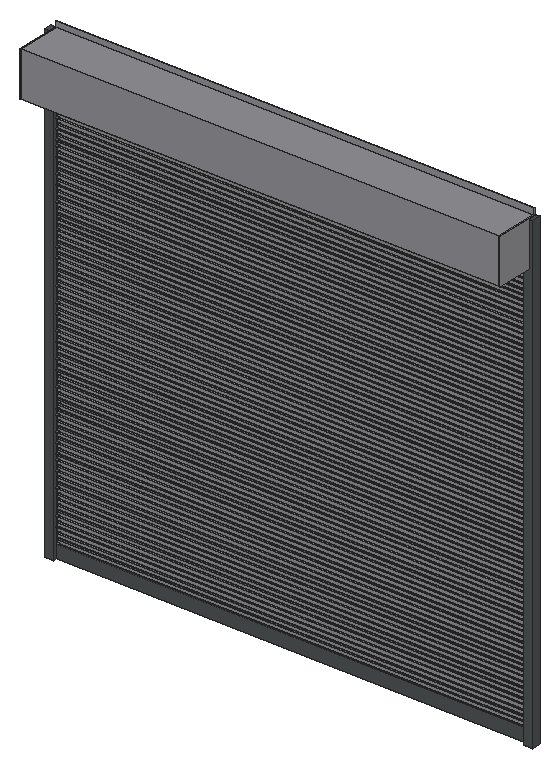
Revit family "Counter-Doors_OHD_Model-650_compact", category Specialty Equipment, host Wall, Revit 2023
Family settings
  Host = Wall
  Round Connector Dimension = Use Diameter
  Part Type = Normal
  OmniClass Number = 23.30.10.21.34
  OmniClass Title = Industrial Doors
  Enable Cutting in Views = No
  Always vertical = Yes
  Cut with Voids When Loaded = Yes
  Maintain Annotation Orientation = No
  Shared = No
  Room Calculation Point = No
Parameters (values of type "‏​Manual push-up")
  Warning Sign [instance] = if(Calculated Area > 683.00 SF, 1 = 1, 1 = 2)  # no
  Warning (Note) [instance] = if(Warning Sign, "The Door Area is out of the limit; please adjust accordingly. The maximum allowed area is 683 sq. ft.", if(Opening Height > 360", "Headroom Clearance Dimensions - out of the limits. Consult Factory", " "))  # " "
  Wall Thickness [instance] = 6"
  Voltage = 0 V
  Version = "1.00.01"  # constant formula
  True Opening Width [instance] = if(Between Jambs Mounting, Door Width True, Clear Width)  # 120"
  True Opening Height [instance] = if(Between Jambs Mounting, Clear Height + Headroom Height, Clear Height)  # 108"
  Steel \ Stainless Steel Guide [instance] = not(Aluminum Guide)  # no
  Slat Type [instance] = "F-158"  # constant formula
  Slat Length [instance] = Clear Width + Setback  # 120 7/8"
  Slat Height [instance] = 10 41/128"  # constant formula
  Slat Center Offset [instance] = if(and(Electric Operator, Motor Option Real = 2), 1 1/16", if(Aluminum Guide, 1 1/16", 1 5/8"))  # 1 1/16"
  Slat [instance] = 1  # constant formula
  Setback [instance] = if(Between Jambs Mounting, if(and(Electric Operator, Motor Option Real = 2), 7/8" - 1/4", if(Aluminum Guide, 7/8" - 1/4", 1" - 3/8")), if(and(Electric Operator, Motor Option Real = 2), 7/8", if(Aluminum Guide, 7/8", 1")))  # 7/8"
  Product Page URL = "https://www.overheaddoor.com/counter-doors-650"
  Power Factor = 1
  Powder Coat (Note) = "PowderGuard® Premium powder coat finish options are available in approximately 200 colors as well as custom matching to specification. PowderGuard® Textured finish, a thicker, more scratch resistant coat, is available in 11 colors providing enhanced scratch resistance as well as aiding in hiding the dirt and blemishes that often occur in commercial environments.​"  # constant formula
  Operator Visibility = no
  Operation (Note) [instance] = "Standard door operation is manual push-up. Door could also operate by crank, electrical operator or chain hoist. Manual push up and crank could be used up to 80 sf."  # constant formula
  Opening Width Real [instance] = if(Opening Width > Max Opening Width, Max Opening Width, if(Opening Width < Min Opening Width, Min Opening Width, Opening Width))  # 120"
  Opening Width [instance] = 120"
  Opening Height Real [instance] = if(Opening Height > Max Opening Height, Max Opening Height, if(Opening Height < Min Opening Height, Min Opening Height, Opening Height))  # 108"
  Opening Height [instance] = 108"
  One Array element [instance] = not(Array Vis)  # no
  Number of Poles = 1
  Motor Type [instance] = if(Motor Option < 2, "CDX Electric Operator", if(Motor Option = 2, "RTM Electric Operator", "RSX Electric Operator"))  # "CDX Electric Operator"
  Motor Selection (Note) [instance] = "Generic operator shown. Contact Overhead Door when dimensions are critical. "  # constant formula
  Motor Position [instance] = if(Between Jambs Mounting, if(and(Electric Operator, Motor Option Real > 2), 2 177/256", Headplate Offset), if(and(Electric Operator, Motor Option Real > 2), 2 177/256", Headplate Offset))  # 1 5/8"
  Motor Option Real [instance] = if(Electric Operator, if(Motor Option < 1, 1, if(Motor Option > 3, 3, Motor Option)), 1)  # 1
  Motor Option [instance] = 1
  Min Opening Width [instance] = 40"  # constant formula
  Min Opening Height [instance] = 40"  # constant formula
  Max Opening Width [instance] = 240"  # constant formula
  Max Opening Height [instance] = 108"  # constant formula
  Material Finish [instance] = 650 : Standard - Gray
  Lookup Table = "Hood Dimensions"  # constant formula
  Lookup BD [instance] = if(or(Opening Height Real < 60", Opening Height Real = 60"), 9 1/2", 11 1/2")  # 11 1/2"
  Jambs Offset 2 [instance] = if(Between Jambs Mounting, Guide Width 2, 0")  # 0"
  Jamb Offset 1 [instance] = if(Between Jambs Mounting, Guide Width 1, 0")  # 0"
  Installation Real [instance] = if(Between Jambs Mounting, Installation Limits, Wall Thickness)  # 6"
  Installation Offset [instance] = 0"
  Installation Limits [instance] = if(Installation Offset < 0", 0", if(Installation Offset > Wall Thickness - Guide Depth, Wall Thickness - Guide Depth, Installation Offset))  # 0"
  Hood Type [instance] = "Square Hood"  # constant formula
  Hood Option [instance] = 2  # constant formula
  Hood Offset [instance] = 2"  # constant formula
  Hood Material [instance] = Metal - Overhead Door - Gray
  Hood Height [instance] = Headroom Height Real - Hood Offset  # 11 1/2"
  Lookup HH [instance] = if(or(Opening Height Real < 60", Opening Height Real = 60"), 9 1/2", 11 1/2")  # 11 1/2"
  Headroom Height Real [instance] = Lookup HH + Hood Offset  # 13 1/2"
  Headroom Height [instance] = if(Between Jambs Mounting, Headroom Height Real, Headroom Height Real + 1 1/2")  # 15"
  Headplate Offset [instance] = if(Guide Option = 1, 1 5/8", if(Guide Option = 2, 2 3/4", if(Guide Option = 3, 1 15/16", if(Guide Option = 4, 1 5/16", if(Guide Option = 5, 1 5/16", if(Guide Option = 6, 2 3/8", if(Guide Option = 7, 1 15/16", 2 7/16")))))))  # 1 5/8"
  Guide Type [instance] = if(Guide Option < 2, "Face of Wall Extruded Aluminum", if(Guide Option = 2, "Face of Wall Extruded Aluminum - RTM Electric Operator", if(Guide Option = 3, "Face of Wall Rolled Steel", if(Guide Option = 4, "Between Jambs Extruded Aluminum - Push Up", if(Guide Option = 5, "Between Jambs Extruded Aluminum - Crank & Electric Operator", if(Guide Option = 6, "Between Jambs Extruded Aluminum - RTM Electric Operator", if(Guide Option = 7, "Between Jambs Rolled Steel - Push-up", "Between Jambs Rolled Steel - Crank & Electric Operator")))))))  # "Face of Wall Extruded Aluminum"
  Guide Option [instance] = if(Face Of Wall Mounting, if(Aluminum Guide, if(and(Electric Operator, Motor Option = 2), 2, 1), if(and(Electric Operator, Motor Option = 2), 2, 3)), if(Aluminum Guide, if(Manual, 4, if(and(Electric Operator, Motor Option = 2), 6, 5)), if(Manual, 7, if(and(Electric Operator, Motor Option = 2), 6, 8))))  # 1
  Guide Width 2 [instance] = if(Guide Option < 2, 2 3/4", if(Guide Option = 2, 2 3/4", if(Guide Option = 3, 2 7/8", if(Guide Option = 4, 2 3/8", if(Guide Option = 5, 2 3/8", if(Guide Option = 6, 2 3/8", if(Guide Option = 7, 1 15/16", 1 15/16")))))))  # 2 3/4"
  Guide Width 1 [instance] = if(Guide Option < 2, 2 3/4", if(Guide Option = 2, 3 5/8", if(Guide Option = 3, 2 7/8", if(Guide Option = 4, 2 3/8", if(Guide Option = 5, 4 3/4", if(Guide Option = 6, 3 3/8", if(Guide Option = 7, 1 15/16", 5 5/8")))))))  # 2 3/4"
  Guide Depth [instance] = if(and(Electric Operator, Motor Option Real = 2), 2 1/8", if(Aluminum Guide, 2 1/8", 2"))  # 2 1/8"
  Frequency = 0 Hz
  Floor To CL shaft [instance] = Clear Height + Hood Height / 2 + Hood Offset  # 115 3/4"
  Face of Wall Offset [instance] = if(Between Jambs Mounting, 0", 5")  # 5"
  Face Of Wall Mounting [instance] = not(Between Jambs Mounting)  # yes
  Electric Operator = no
  Door Width True [instance] = if(Between Jambs Mounting, Clear Width + Guide Width 1 + Guide Width 2, Clear Width)  # 120"
  Door Width (Real) [instance] = if(Between Jambs Mounting, Clear Width, if(and(Electric Operator, Motor Option Real = 2), Clear Width + 3/8" * 2, if(Aluminum Guide, Clear Width + 3/8" * 2, Clear Width + 1" / 2)))  # 120 3/4"
  Door Height True [instance] = Clear Width + Headroom Height  # 135"
  Door Height (Real) [instance] = Clear Height + Hood Offset  # 110"
  URL = "https://www.overheaddoor.com/"
  Product data url = "https://www.bimobject.com/overhead-door/product/counter-doors-650"
  Product Guid = "c282057e-3d6c-4adc-834a-b2f015cb47e4"
  Model = "650"  # constant formula
  Manufacturer = "Overhead Door Corporation"  # constant formula
  Wall Closure = By host
  Floor To (CL) of Shaft [instance] = Clear Height + Hood Height / 2 + Hood Offset + Default Elevation Height + Countertop Thickness Real  # 151 3/4"
  Finish Material = Finish - Overhead Door - Black
  Description = "Model 650 Rolling Counter Door"  # constant formula
  Default Elevation Height [instance] = 36"
  Default Elevation = 0"
  Date Updated = "2026/05/29"  # constant formula
  Crank = no
  Countertop Thickness Real [instance] = if(Countertop Thickness < 0", 0", if(Countertop Thickness > 12", 12", Countertop Thickness))  # 0"
  Countertop Thickness [instance] = 0"
  Clear Width [instance] = if(Between Jambs Mounting, Opening Width Real - Guide Width 2 - Guide Width 1, Opening Width Real)  # 120"
  Clear Height [instance] = if(Between Jambs Mounting, Opening Height Real - Headroom Height, Opening Height Real)  # 108"
  Manual = yes
  Current = 0 A
  Connector Array Distance = 0"  # constant formula
  Connector Array = if(Manual, 2, 3)  # 2
  BimObject_Variable_Connectors = "No"  # constant formula
  Between Jambs Mounting [instance] = no
  Bar [instance] = 1 = 1  # yes
  Backroom Depth [instance] = Lookup BD  # 11 1/2"
  BJ Opening Cut [instance] = if(Between Jambs Mounting, Headroom Height, 0")  # 0"
  Array Vis [instance] = if(Array < 2, 1 = 2, 1 = 1)  # yes
  Array Real [instance] = if(Array < 2, 2, Array)  # 11
  Array Length [instance] = (Array) * Slat Height  # 113 67/128"
  Array [instance] = rounddown(([Door Height (Real)] - 3 1/2") / Slat Height) + 1  # 11
  Calculated Area [instance] = [Door Width (Real)] * [Door Height (Real)]  # 92.2396 SF
  Apparent Load Phase 3 = if(Number of Poles = 1, 0 VA, (Voltage * Current * sqrt(3)) / 3)  # 0 VA
  Apparent Load Phase 2 = if(Number of Poles = 1, 0 VA, (Voltage * Current * sqrt(3)) / 3)  # 0 VA
  Apparent Load Phase 1 = if(Number of Poles = 1, Voltage * Current, (Voltage * Current * sqrt(3)) / 3)  # 0 VA
  Aluminum Guide [instance] = yes
Reference planes (in)
  plane 1 "Center (Front/Back)": y = -14.625
  plane 2 "Center (Left/Right)": x = 0
  plane 3 "Left": x = -60
  plane 4 "Right": x = 60
  plane 5 "Exterior": y = -8.625
  plane 6 "Interior": y = -14.625
  plane 7: z = 144
  plane 8 "Backroom Depth": y = -26.125
  plane 9 "Bottom Bar": z = 39.5
  plane 10: z = 153.02344
  plane 11: z = 157.5
  plane 12: z = 146
  plane 13: z = 159
  plane 14: z = 0
  plane 15: z = 90
  plane 16: y = -15.9375
  plane 17: y = 18.375
  plane 18: y = -41.625
  plane 19 "Headroom Top": z = 159
  plane 20: z = 151.75
  plane 21: z = 142.70312
  plane 22: z = 36
  plane 23: x = 62.75
  plane 24: x = -62.75
  plane 25: y = -15.6875
  plane 26: x = 61.625
  plane 27: z = 36
  plane 28: y = -15.9375
  plane 29: z = 39.5
  plane 30: y = -15.9375
  plane 31: z = 142.70312
  plane 32: y = -15.9375
  plane 33: z = 49.82031
  plane 34: y = -15.9375
  plane 35: z = 60.14062
  plane 36: y = -15.9375
  plane 37: z = 70.46094
  plane 38: y = -15.9375
  plane 39: z = 80.78125
  plane 40: y = -15.9375
  plane 41: z = 91.10156
  plane 42: y = -15.9375
  plane 43: z = 101.42187
  plane 44: y = -15.9375
  plane 45: z = 111.74219
  plane 46: y = -15.9375
  plane 47: z = 122.0625
  plane 48: y = -15.9375
  plane 49: z = 132.38281
Forms (in)
  Extrusion 1, void
    sketch origin (0, -20.625, 0) x (0, 0, -1) y (-1, 0, 0)
      loop
        line (-144, 60) -> (-144, -60) -> (-36, -60) -> (-36, 60) -> (-144, 60)
    from 6 to 12
Text (in)
  text "Exterior" at (-74.96733, 27.31104, 0), in view "Ref. Level"
  text "Interior" at (-74.96733, -25.14366, 0), in view "Ref. Level"
  text "Exterior" at (0, 40.15149, 123.01588), in view "Right"
  text "Interior" at (0, -64.39139, 123.01588), in view "Right"
  text "Interior" at (0, -31.01599, 123.00693), in view "Left"
  text "Exterior" at (0, 54.57065, 123.00693), in view "Left"
Dimensions and locks (in)
  equal spacing: plane 3 "Left", plane 2 "Center (Left/Right)", plane 4 "Right"
  "Clear Width": plane 3 "Left" to plane 4 "Right"
  level to host wall = 459.59655"
  "Array Length": plane 10 to plane 9 "Bottom Bar"
  "Backroom Depth": plane 8 "Backroom Depth" to plane 1 "Center (Front/Back)"
  "Hood Height": plane 11 to plane 12
  locked: plane 13 to plane 11 at 1.5
  "Installation Real": plane 1 "Center (Front/Back)" to plane 5 "Exterior"
  "Wall Thickness": host wall to host wall
  equal spacing: plane 17, host wall, plane 18
  locked: plane 17 to plane 18 at 60
  "BJ Opening Cut": Extrusion 1 sketch curve to plane 7
  "Hood Offset": plane 12 to plane 7
  "Headroom Height": plane 19 "Headroom Top" to plane 7
  "Floor To (CL) of Shaft": plane 20 to level
  "Jamb Offset 1": plane 4 "Right" to Extrusion 1 sketch curve
  "Jambs Offset 2": Extrusion 1 sketch curve to plane 3 "Left"
  "Slat Height": plane 10 to plane 21
  equal spacing: group 1, group 3, group 4, group 5, group 6, group 7, group 8, group 9, group 10, group 11, group 2  (x3)
  equal spacing: plane 7, plane 15, plane 22
  "Clear Height": plane 7 to plane 22
  locked: plane 9 "Bottom Bar" to plane 22 at 3.5
  "Guide Width 1": plane 4 "Right" to plane 23
  "Guide Width 2": plane 24 to plane 3 "Left"
  plane 24 to plane 23 = 125 1/2"
  "Slat Center Offset": plane 25 to plane 1 "Center (Front/Back)"
  locked: plane 16 to plane 25 at 0.25
  "Motor Position": plane 4 "Right" to plane 26
  "Default Elevation Height": plane 27 to plane 14
  "Countertop Thickness Real": plane 22 to plane 27
  aligned and locked: plane 5 "Exterior" to host wall
  aligned and locked: host wall to plane 6 "Interior"
  aligned and locked: Extrusion 1 to plane 5 "Exterior"
  aligned and locked: Extrusion 1 to plane 6 "Interior"
  aligned and locked: level to plane 14
  aligned and locked: plane 2 "Center (Left/Right)" to nested 1
  aligned and locked: nested 1 to plane 17
  aligned and locked: plane 18 to nested 2
  aligned and locked: nested 2 to plane 2 "Center (Left/Right)"
  aligned and locked: nested 3 to plane 15
  aligned and locked: plane 2 "Center (Left/Right)" to nested 3
  aligned and locked: plane 9 "Bottom Bar" to nested 5
  aligned and locked: nested 5 to plane 16
  aligned and locked: nested 3 to plane 16
  aligned and locked: plane 2 "Center (Left/Right)" to nested 15
  aligned and locked: plane 1 "Center (Front/Back)" to nested 15
  aligned and locked: plane 26 to nested 16
  aligned and locked: plane 11 to nested 16
  aligned and locked: nested 16 to plane 5 "Exterior"
  aligned and locked: Extrusion 1 sketch curve to plane 27
  aligned and locked: plane 9 "Bottom Bar" to plane 29
  aligned and locked: plane 28 to plane 16
  aligned and locked: plane 21 to plane 31
  aligned and locked: plane 30 to plane 16
Nested families (in)
  nested 1: "Label Annotation 1" at (0, 18.375, 0), visible <- "Warning Sign", type "Label Annotation 1"
  nested 2: "Label Annotation 1" at (0, -41.625, 0) x (-1, 0, 0) z (0, 0, 1), visible <- "Warning Sign", type "Label Annotation 1"
  nested 3: "Warning Sign" at (0, -15.9375, 90), visible <- "Warning Sign", type "Warning Sign"
    with Warning Sign no
  nested 4: "650" at (0, -15.937, 39.5), Opening Width <- "Slat Length", type <- "Material Finish", visible <- "Array Vis", type "Standard - Gray"
    with Void Offset 1", Void Height 1", Slat Width 1/2", Slat Position + Offset 9.57", Slat Position 9.03", Slat Option 1, Opening Width 120 7/8", Integrated Cutout no, F-158 yes, F 265, FE 265 no, Cutout Width Offset 1", Cutout Vertical Offset 0.54", Cutout Horizontal Offset 1", C 275 no
  nested 5: "650" at (0, -15.9375, 39.5), visible <- "One Array element", Opening Width <- "Slat Length", type <- "Material Finish", type "Standard - Gray"
    with Void Offset 1", Void Height 1", Slat Width 1/2", Slat Position + Offset 9.57", Slat Position 9.03", Slat Option 1, Opening Width 120 7/8", Integrated Cutout no, F-158 yes, F 265, FE 265 no, Cutout Width Offset 1", Cutout Vertical Offset 0.54", Cutout Horizontal Offset 1", C 275 no
  nested 6: "650" at (0, -15.937, 142.70312), Opening Width <- "Slat Length", type <- "Material Finish", visible <- "Array Vis", type "Standard - Gray"
    with Void Offset 1", Void Height 1", Slat Width 1/2", Slat Position + Offset 9.57", Slat Position 9.03", Slat Option 1, Opening Width 120 7/8", Integrated Cutout no, F-158 yes, F 265, FE 265 no, Cutout Width Offset 1", Cutout Vertical Offset 0.54", Cutout Horizontal Offset 1", C 275 no
  nested 7: "650" at (0, -15.937, 49.82031), Opening Width <- "Slat Length", type <- "Material Finish", visible <- "Array Vis", type "Standard - Gray"
    with Void Offset 1", Void Height 1", Slat Width 1/2", Slat Position + Offset 9.57", Slat Position 9.03", Slat Option 1, Opening Width 120 7/8", Integrated Cutout no, F-158 yes, F 265, FE 265 no, Cutout Width Offset 1", Cutout Vertical Offset 0.54", Cutout Horizontal Offset 1", C 275 no
  nested 8: "650" at (0, -15.937, 60.14062), Opening Width <- "Slat Length", type <- "Material Finish", visible <- "Array Vis", type "Standard - Gray"
    with Void Offset 1", Void Height 1", Slat Width 1/2", Slat Position + Offset 9.57", Slat Position 9.03", Slat Option 1, Opening Width 120 7/8", Integrated Cutout no, F-158 yes, F 265, FE 265 no, Cutout Width Offset 1", Cutout Vertical Offset 0.54", Cutout Horizontal Offset 1", C 275 no
  nested 9: "650" at (0, -15.937, 70.46094), Opening Width <- "Slat Length", type <- "Material Finish", visible <- "Array Vis", type "Standard - Gray"
    with Void Offset 1", Void Height 1", Slat Width 1/2", Slat Position + Offset 9.57", Slat Position 9.03", Slat Option 1, Opening Width 120 7/8", Integrated Cutout no, F-158 yes, F 265, FE 265 no, Cutout Width Offset 1", Cutout Vertical Offset 0.54", Cutout Horizontal Offset 1", C 275 no
  nested 10: "650" at (0, -15.937, 80.78125), Opening Width <- "Slat Length", type <- "Material Finish", visible <- "Array Vis", type "Standard - Gray"
    with Void Offset 1", Void Height 1", Slat Width 1/2", Slat Position + Offset 9.57", Slat Position 9.03", Slat Option 1, Opening Width 120 7/8", Integrated Cutout no, F-158 yes, F 265, FE 265 no, Cutout Width Offset 1", Cutout Vertical Offset 0.54", Cutout Horizontal Offset 1", C 275 no
  nested 11: "650" at (0, -15.937, 91.10156), Opening Width <- "Slat Length", type <- "Material Finish", visible <- "Array Vis", type "Standard - Gray"
    with Void Offset 1", Void Height 1", Slat Width 1/2", Slat Position + Offset 9.57", Slat Position 9.03", Slat Option 1, Opening Width 120 7/8", Integrated Cutout no, F-158 yes, F 265, FE 265 no, Cutout Width Offset 1", Cutout Vertical Offset 0.54", Cutout Horizontal Offset 1", C 275 no
  nested 12: "650" at (0, -15.937, 101.42187), Opening Width <- "Slat Length", type <- "Material Finish", visible <- "Array Vis", type "Standard - Gray"
    with Void Offset 1", Void Height 1", Slat Width 1/2", Slat Position + Offset 9.57", Slat Position 9.03", Slat Option 1, Opening Width 120 7/8", Integrated Cutout no, F-158 yes, F 265, FE 265 no, Cutout Width Offset 1", Cutout Vertical Offset 0.54", Cutout Horizontal Offset 1", C 275 no
  nested 13: "650" at (0, -15.937, 111.74219), Opening Width <- "Slat Length", type <- "Material Finish", visible <- "Array Vis", type "Standard - Gray"
    with Void Offset 1", Void Height 1", Slat Width 1/2", Slat Position + Offset 9.57", Slat Position 9.03", Slat Option 1, Opening Width 120 7/8", Integrated Cutout no, F-158 yes, F 265, FE 265 no, Cutout Width Offset 1", Cutout Vertical Offset 0.54", Cutout Horizontal Offset 1", C 275 no
  nested 14: "650" at (0, -15.937, 122.0625), Opening Width <- "Slat Length", type <- "Material Finish", visible <- "Array Vis", type "Standard - Gray"
    with Void Offset 1", Void Height 1", Slat Width 1/2", Slat Position + Offset 9.57", Slat Position 9.03", Slat Option 1, Opening Width 120 7/8", Integrated Cutout no, F-158 yes, F 265, FE 265 no, Cutout Width Offset 1", Cutout Vertical Offset 0.54", Cutout Horizontal Offset 1", C 275 no
  nested 15: "Lifts" at (0, -14.625, 36) x (-1, 0, 0) z (0, 0, 1), type "Frame Unit"
    with Floor To (CL) of Shaft 115 3/4", Headroom Height 13 1/2", Header Width 11 1/2"
  nested 16: "Motor" at (58.6355, -26.125, 146), visible <- "Operator Visibility", type "Trolley Motor"
  nested 17: "650" at (0, -15.937, 132.38281), Opening Width <- "Slat Length", type <- "Material Finish", visible <- "Array Vis", type "Standard - Gray"
    with Void Offset 1", Void Height 1", Slat Width 1/2", Slat Position + Offset 9.57", Slat Position 9.03", Slat Option 1, Opening Width 120 7/8", Integrated Cutout no, F-158 yes, F 265, FE 265 no, Cutout Width Offset 1", Cutout Vertical Offset 0.54", Cutout Horizontal Offset 1", C 275 no
Connectors (in)
  electrical at (61.625, -20.375, 151.75), driven by "Apparent Load Phase 1", driven by "Power Factor", driven by "Apparent Load Phase 3", driven by "Apparent Load Phase 2", driven by "Voltage", driven by "Number of Poles"
    settings: on nested 16, index 1, voltage 0 V, apparent load 0 VA, apparent load phase1 0 VA, apparent load phase2 0 VA, apparent load phase3 0 VA, power factor 1, load classification "Other", number of poles 1, system type 31, power factor state 1, is connector primary yes, connector utility no, sub classification motor no, connector description "Electrical Connector"
Definition of nested family "650"
  Parameters (values of type "Perforated - Gray")
    Void Offset [instance] = if(Integrated Cutout, 0", 1")  # 1"
    Void Height [instance] = 1"  # constant formula
    Standard = no
    Slat Width [instance] = 1/2"  # constant formula
    Slat Position + Offset [instance] = Slat Position + Cutout Vertical Offset  # 9.57"
    Slat Position [instance] = 1.29" * 7  # 9.03"
    Slat Option [instance] = 1
    Rough Height = 0"
    Perforation = no
    Fenestration Small = no
    Fenestration Large = 1 = 2  # no
    Cutout Width Offset [instance] = 1"  # constant formula
    Cutout Material 2 = none
    Cutout Horizontal Offset [instance] = 1"  # constant formula
    Cutout Material = none
    Panel Material = none
    Opening Width [instance] = 123 5/8"
    Cutout Vertical Offset [instance] = 0.54"  # constant formula
    F 265, FE 265 [instance] = 1 = 2  # no
    Default Elevation = 48"
    Integrated Cutout [instance] = if(or(Perforation, Fenestration Small), 1 = 1, 1 = 2)  # no
    C 275 [instance] = 1 = 2  # no
    F-158 [instance] = 1 = 1  # yes
    Analytic Construction = "<None>"
  Types (7): name | Void Offset | Standard | Fenestration Small | Integrated Cutout
    Standard - Tan | 1" | yes | no | no
    Standard - Gray | 1" | yes | no | no
    Perforated - Gray | 1" | no | no | no
    Fenestration 0.625”x3” - Gray | 0" | no | yes | yes
    Fenestration 0.625”x3” - Tan | 0" | no | yes | yes
    Vision lites 0.625”x3” - Tan | 0" | no | yes | yes
    Vision lites 0.625”x3” - Gray | 0" | no | yes | yes
  Reference planes (in)
    plane 1 "Center (Front/Back)": y = 0
    plane 2: z = 0
    plane 3 "Center (Left/Right)": x = 0
    plane 4: x = -61.8125
    plane 5: x = 61.8125
    plane 6: y = 0.5
    plane 7: y = 0
    plane 8: y = 0.25
    plane 9: y = 0.47
    plane 10: x = -60.8125
    plane 11: x = 60.8125
  Forms (in)
    Extrusion 1, solid, material <- "Panel Material", visible <- "F-158"
      sketch origin (0, -4.98186, 13.12534) x (0, 1, 0) y (0, 0, 1)
        loop
          arc (5.40186, -13.23015) -> (5.45843, -13.20672) -> (5.48186, -13.15015) r 0.08
          line (5.48186, -13.15015) -> (5.48186, -12.01975)
          arc (5.48186, -12.01975) -> (5.45843, -11.96318) -> (5.40186, -11.94015) r 0.08
          arc (5.40186, -11.94015) -> (5.45843, -11.91672) -> (5.48186, -11.86015) r 0.08
          line (5.48186, -11.86015) -> (5.48186, -10.72975)
          arc (5.48186, -10.72975) -> (5.45843, -10.67318) -> (5.40186, -10.65015) r 0.08
          arc (5.40186, -10.65015) -> (5.45843, -10.62672) -> (5.48186, -10.57015) r 0.08
          line (5.48186, -10.57015) -> (5.48186, -9.43975)
          arc (5.48186, -9.43975) -> (5.45843, -9.38318) -> (5.40186, -9.36015) r 0.08
          arc (5.40186, -9.36015) -> (5.45843, -9.33672) -> (5.48186, -9.28015) r 0.08
          line (5.48186, -9.28015) -> (5.48186, -8.14975)
          arc (5.48186, -8.14975) -> (5.45843, -8.09318) -> (5.40186, -8.07015) r 0.08
          arc (5.40186, -8.07015) -> (5.45843, -8.04672) -> (5.48186, -7.99015) r 0.08
          line (5.48186, -7.99015) -> (5.48186, -6.85975)
          arc (5.48186, -6.85975) -> (5.45843, -6.80318) -> (5.40186, -6.78015) r 0.08
          arc (5.40186, -6.78015) -> (5.45843, -6.75672) -> (5.48186, -6.70015) r 0.08
          line (5.48186, -6.70015) -> (5.48186, -5.56975)
          arc (5.48186, -5.56975) -> (5.45843, -5.51318) -> (5.40186, -5.49015) r 0.08
          arc (5.40186, -5.49015) -> (5.45843, -5.46672) -> (5.48186, -5.41015) r 0.08
          line (5.48186, -5.41015) -> (5.48186, -4.27975)
          arc (5.48186, -4.27975) -> (5.45843, -4.22318) -> (5.40186, -4.20015) r 0.08
          arc (5.40186, -4.20015) -> (5.45843, -4.17672) -> (5.48186, -4.12015) r 0.08
          line (5.48186, -4.12015) -> (5.48186, -2.98975)
          arc (5.48186, -2.98975) -> (5.45843, -2.93318) -> (5.40186, -2.90975) r 0.08
          line (5.40186, -2.90975) -> (5.22937, -2.90975)
          arc (5.22937, -2.90975) -> (5.05999, -2.70129) -> (5.06854, -2.96975) r 0.14173
          line (5.06854, -2.96975) -> (5.38631, -2.96975)
          arc (5.38631, -2.96975) -> (5.41145, -2.98016) -> (5.42186, -3.0053) r 0.03555
          line (5.42186, -3.0053) -> (5.42186, -4.11914)
          arc (5.42186, -4.11914) -> (5.41437, -4.13549) -> (5.39767, -4.14216) r 0.02421
          line (5.39767, -4.14216) -> (5.18922, -4.14216)
          arc (5.18922, -4.14216) -> (4.99446, -4.11507) -> (5.12739, -4.25997) r 0.10448
          line (5.12739, -4.25997) -> (5.40191, -4.25997)
          arc (5.40191, -4.25997) -> (5.41598, -4.26579) -> (5.4218, -4.27986) r 0.01989
          line (5.4218, -4.27986) -> (5.4218, -5.41015)
          arc (5.4218, -5.41015) -> (5.41596, -5.42428) -> (5.40183, -5.43013) r 0.01997
          line (5.40183, -5.43013) -> (5.18937, -5.43013)
          arc (5.18937, -5.43013) -> (4.99364, -5.40454) -> (5.12735, -5.54975) r 0.105
          line (5.12735, -5.54975) -> (5.40186, -5.54975)
          arc (5.40186, -5.54975) -> (5.416, -5.55561) -> (5.42186, -5.56975) r 0.02
          line (5.42186, -5.56975) -> (5.42186, -6.70015)
          arc (5.42186, -6.70015) -> (5.416, -6.71429) -> (5.40186, -6.72015) r 0.02
          line (5.40186, -6.72015) -> (5.18937, -6.72015)
          arc (5.18937, -6.72015) -> (4.99365, -6.69454) -> (5.12735, -6.83975) r 0.105
          line (5.12735, -6.83975) -> (5.40186, -6.83975)
          arc (5.40186, -6.83975) -> (5.416, -6.84561) -> (5.42186, -6.85975) r 0.02
          line (5.42186, -6.85975) -> (5.42186, -7.99015)
          arc (5.42186, -7.99015) -> (5.416, -8.00429) -> (5.40186, -8.01015) r 0.02
          line (5.40186, -8.01015) -> (5.18937, -8.01015)
          arc (5.18937, -8.01015) -> (4.99364, -7.98454) -> (5.12735, -8.12975) r 0.105
          line (5.12735, -8.12975) -> (5.40186, -8.12975)
          arc (5.40186, -8.12975) -> (5.416, -8.13561) -> (5.42186, -8.14975) r 0.02
          line (5.42186, -8.14975) -> (5.42186, -9.28015)
          arc (5.42186, -9.28015) -> (5.416, -9.29429) -> (5.40186, -9.30015) r 0.02
          line (5.40186, -9.30015) -> (5.18937, -9.30015)
          arc (5.18937, -9.30015) -> (4.99364, -9.27454) -> (5.12735, -9.41975) r 0.105
          line (5.12735, -9.41975) -> (5.40186, -9.41975)
          arc (5.40186, -9.41975) -> (5.416, -9.42561) -> (5.42186, -9.43975) r 0.02
          line (5.42186, -9.43975) -> (5.42186, -10.57015)
          arc (5.42186, -10.57015) -> (5.416, -10.58429) -> (5.40186, -10.59015) r 0.02
          line (5.40186, -10.59015) -> (5.18937, -10.59015)
          arc (5.18937, -10.59015) -> (4.99364, -10.56454) -> (5.12735, -10.70975) r 0.105
          line (5.12735, -10.70975) -> (5.40186, -10.70975)
          arc (5.40186, -10.70975) -> (5.416, -10.71561) -> (5.42186, -10.72975) r 0.02
          line (5.42186, -10.72975) -> (5.42186, -11.86015)
          arc (5.42186, -11.86015) -> (5.416, -11.87429) -> (5.40186, -11.88015) r 0.02
          line (5.40186, -11.88015) -> (5.18937, -11.88015)
          arc (5.18937, -11.88015) -> (4.99364, -11.85454) -> (5.12735, -11.99975) r 0.105
          line (5.12735, -11.99975) -> (5.40186, -11.99975)
          arc (5.40186, -11.99975) -> (5.416, -12.00561) -> (5.42186, -12.01975) r 0.02
          line (5.42186, -12.01975) -> (5.42186, -13.15015)
          arc (5.42186, -13.15015) -> (5.416, -13.16429) -> (5.40186, -13.17015) r 0.02
          line (5.40186, -13.17015) -> (5.18153, -13.17015)
          arc (5.18153, -13.17015) -> (5.03054, -13.03641) -> (5.08666, -13.23015) r 0.105
          line (5.08666, -13.23015) -> (5.40186, -13.23015)
      from -61.8125 to 61.8125
    Extrusion 2, void
      sketch origin (0, 0, 0) x (0, 1, 0) y (0, 0, 1)
        loop
          line (1.44, 1.04) -> (1.44, 0.04) -> (1.5, 0.04) -> (1.5, 1.04) -> (1.44, 1.04)
        loop
          line (1.44, 2.33) -> (1.44, 1.33) -> (1.5, 1.33) -> (1.5, 2.33) -> (1.44, 2.33)
        loop
          line (1.44, 3.62) -> (1.44, 2.62) -> (1.5, 2.62) -> (1.5, 3.62) -> (1.44, 3.62)
        loop
          line (1.44, 4.91) -> (1.44, 3.91) -> (1.5, 3.91) -> (1.5, 4.91) -> (1.44, 4.91)
        loop
          line (1.44, 6.2) -> (1.44, 5.2) -> (1.5, 5.2) -> (1.5, 6.2) -> (1.44, 6.2)
        loop
          line (1.44, 7.49) -> (1.44, 6.49) -> (1.5, 6.49) -> (1.5, 7.49) -> (1.44, 7.49)
        loop
          line (1.44, 8.78) -> (1.44, 7.78) -> (1.5, 7.78) -> (1.5, 8.78) -> (1.44, 8.78)
        loop
          line (1.44, 10.07) -> (1.44, 9.07) -> (1.5, 9.07) -> (1.5, 10.07) -> (1.44, 10.07)
      from -60.8125 to 60.8125
  Cuts and joins
    Extrusion 2 cuts Extrusion 1
  Lines and regions (in)
    reference lines
      curve 1: line (0, -4.98186, 12.78) -> (0, 9.9577, 12.78)
      curve 2: line (0, -2.86663, 9.57) -> (0, 7.60337, 9.57)
      curve 3: line (0, -2.86663, 5.7) -> (0, 7.60337, 5.7)
      curve 4: line (0, -2.86663, 4.41) -> (0, 7.60337, 4.41)
      curve 5: line (0, -2.86663, 3.12) -> (0, 7.60337, 3.12)
      curve 6: line (0, -2.86663, 0.54) -> (0, 7.60337, 0.54)
      curve 7: line (0, -2.86663, 1.83) -> (0, 7.60337, 1.83)
      curve 8: line (0, -2.86663, 6.99) -> (0, 7.60337, 6.99)
      curve 9: line (0, -2.86663, 8.28) -> (0, 7.60337, 8.28)
  Dimensions and locks (in)
    equal spacing: plane 4, plane 3 "Center (Left/Right)", plane 5
    "Opening Width": plane 4 to plane 5
    "Slat Width": plane 1 "Center (Front/Back)" to plane 6
    equal spacing: plane 1 "Center (Front/Back)", plane 8, plane 6
    locked: plane 9 to plane 6 at 0.03
    "Cutout Width Offset": plane 4 to plane 10
    "Cutout Width Offset": plane 5 to plane 11
    "Void Height": Extrusion 2 sketch curve to Extrusion 2 sketch curve  (x8)
    locked: Extrusion 2 sketch curve to Extrusion 2 sketch curve at 0.06  (x8)
    "Void Offset": plane 6 to Extrusion 2 sketch curve
    locked: curve 1 to level at 12.78
    "Slat Position": curve 6 to curve 2
    equal spacing: Extrusion 2 sketch curve, curve 3, Extrusion 2 sketch curve
    equal spacing: Extrusion 2 sketch curve, curve 4, Extrusion 2 sketch curve
    equal spacing: Extrusion 2 sketch curve, curve 6, Extrusion 2 sketch curve
    equal spacing: Extrusion 2 sketch curve, curve 5, Extrusion 2 sketch curve
    equal spacing: Extrusion 2 sketch curve, curve 7, Extrusion 2 sketch curve
    "Cutout Vertical Offset": curve 6 to plane 2
    equal spacing: curve 6, curve 7, curve 5, curve 4, curve 3, curve 8, curve 9, curve 2
    equal spacing: Extrusion 2 sketch curve, curve 9, Extrusion 2 sketch curve
    equal spacing: Extrusion 2 sketch curve, curve 8, Extrusion 2 sketch curve
    equal spacing: Extrusion 2 sketch curve, curve 2, Extrusion 2 sketch curve
    aligned and locked: plane 2 to level
    aligned and locked: plane 1 "Center (Front/Back)" to plane 7
    aligned and locked: plane 5 to Extrusion 1
    aligned and locked: plane 4 to Extrusion 1
    aligned and locked: plane 9 to nested 1
    aligned and locked: plane 3 "Center (Left/Right)" to nested 1
    aligned and locked: Extrusion 2 sketch curve to Extrusion 2 sketch curve  (x7)
    aligned and locked: plane 10 to Extrusion 2
    aligned and locked: plane 11 to Extrusion 2
    aligned and locked: plane 3 "Center (Left/Right)" to nested 2
    aligned and locked: plane 3 "Center (Left/Right)" to nested 3
    aligned and locked: plane 3 "Center (Left/Right)" to nested 4
    aligned and locked: plane 3 "Center (Left/Right)" to nested 5
    aligned and locked: plane 9 to nested 2
    aligned and locked: plane 9 to nested 3
    aligned and locked: plane 9 to nested 4
    aligned and locked: plane 9 to nested 5
    aligned and locked: plane 9 to nested 6
    aligned and locked: plane 9 to nested 7
    aligned and locked: plane 9 to nested 8
    aligned and locked: nested 8 to curve 2
    aligned and locked: nested 7 to curve 9
    aligned and locked: nested 6 to curve 8
    aligned and locked: plane 3 "Center (Left/Right)" to nested 8
    aligned and locked: plane 3 "Center (Left/Right)" to nested 7
    aligned and locked: plane 3 "Center (Left/Right)" to nested 6
  Automatic sketch dimensions
    plane 1 "Center (Front/Back)" to curve 1 = 4.98186"
    plane 1 "Center (Front/Back)" to curve 9 = 2.86663"
    curve 2 to curve 9 = 0"
    plane 1 "Center (Front/Back)" to curve 7 = 2.86663"
    curve 3 to curve 9 = 0"
    curve 6 to curve 7 = 0"
    curve 4 to curve 3 = 0"  (x2)
    curve 8 to curve 3 = 0"  (x2)
    curve 5 to curve 4 = 0"  (x2)
    curve 3 to plane 6 = 7.10337"
    curve 6 to curve 3 = 0"
    curve 2 to curve 3 = 0"
    curve 7 to curve 6 = 0"
    curve 9 to curve 8 = 0"
    curve 2 to curve 1 = 2.35433"
    Extrusion 1 sketch curve to Extrusion 1 sketch curve = 0"  (x30)
    Extrusion 1 sketch curve to plane 6 = 0"  (x8)
    plane 9 to Extrusion 1 sketch curve = 0.03"  (x7)
    plane 9 to Extrusion 1 sketch curve = 0.03006"
    Extrusion 1 sketch curve to Extrusion 1 sketch curve = 0.02419"
    Extrusion 1 sketch curve to Extrusion 1 sketch curve = 0.01989"
    Extrusion 1 sketch curve to Extrusion 1 sketch curve = 0.02"  (x11)
    plane 9 to Extrusion 1 sketch curve = 0.05"  (x2)
    Extrusion 1 sketch curve to Extrusion 1 sketch curve = 0.00419"
    Extrusion 1 sketch curve to Extrusion 1 sketch curve = 0.00005"
    Extrusion 1 sketch curve to Extrusion 1 sketch curve = 0.01994"
    Extrusion 1 sketch curve to Extrusion 1 sketch curve = 0.00003"
    Extrusion 1 sketch curve to Extrusion 1 sketch curve = 0.01555"  (x2)
    plane 8 to Extrusion 1 sketch curve = 0.04249"  (x6)
    plane 8 to Extrusion 1 sketch curve = 0.04264"
    plane 8 to Extrusion 1 sketch curve = 0.05033"
    plane 8 to Extrusion 1 sketch curve = 0.10447"
    plane 8 to Extrusion 1 sketch curve = 0.10451"  (x6)
    Extrusion 1 sketch curve to Extrusion 1 sketch curve = 0.04042"
    Extrusion 1 sketch curve to plane 1 "Center (Front/Back)" = 0.105"  (x4)
    Extrusion 1 sketch curve to Extrusion 1 sketch curve = 0.04049"
    Extrusion 1 sketch curve to Extrusion 1 sketch curve = 0.10251"
    level to Extrusion 1 sketch curve = 0.0002"
    Extrusion 1 sketch curve to plane 1 "Center (Front/Back)" = 0.1048"
    level to Extrusion 1 sketch curve = 1.10559"
    Extrusion 1 sketch curve to Extrusion 1 sketch curve = 0.09688"  (x6)
    Extrusion 1 sketch curve to Extrusion 1 sketch curve = 1.13039"  (x5)
    Extrusion 1 sketch curve to Extrusion 1 sketch curve = 0.01997"
    Extrusion 1 sketch curve to Extrusion 1 sketch curve = 1.13029"
    Extrusion 1 sketch curve to Extrusion 1 sketch curve = 0.00011"
    Extrusion 1 sketch curve to Extrusion 1 sketch curve = 0.09634"
    Extrusion 1 sketch curve to Extrusion 1 sketch curve = 0.02202"
    Extrusion 1 sketch curve to Extrusion 1 sketch curve = 0.001"
    Extrusion 1 sketch curve to Extrusion 1 sketch curve = 1.11265"
    Extrusion 1 sketch curve to Extrusion 1 sketch curve = 0.07567"
    plane 8 to Extrusion 1 sketch curve = 0.00249"
    Extrusion 1 sketch curve to plane 1 "Center (Front/Back)" = 0.08668"
  Nested families (in)
    nested 1: "Perforation" at (0, 0.47, 0.54), visible <- "Integrated Cutout", type "Perforation"
      with Offset 1"
    nested 2: "Perforation" at (0, 0.47, 1.83), visible <- "Integrated Cutout", type "Perforation"
      with Offset 1"
    nested 3: "Perforation" at (0, 0.47, 3.12), visible <- "Integrated Cutout", type "Perforation"
      with Offset 1"
    nested 4: "Perforation" at (0, 0.47, 4.41), visible <- "Integrated Cutout", type "Perforation"
      with Offset 1"
    nested 5: "Perforation" at (0, 0.47, 5.7), visible <- "Integrated Cutout", type "Perforation"
      with Offset 1"
    nested 6: "Perforation" at (0, 0.47, 6.99), visible <- "Integrated Cutout", type "Perforation"
      with Offset 1"
    nested 7: "Perforation" at (0, 0.47, 8.28), visible <- "Integrated Cutout", type "Perforation"
      with Offset 1"
    nested 8: "Perforation" at (0, 0.47, 9.57), visible <- "Integrated Cutout", type "Perforation"
      with Offset 1"
  Definition of nested family "Perforation"
    Parameters (values of type "Perforation")
      Perforation = none
      Opening Width = 123 5/8"
      Offset = 2"
      Height = 1"
      Default Elevation = 48"
    Reference planes (in)
      plane 1 "Center (Front/Back)": y = 0
      plane 2: z = 0
      plane 3 "Center (Left/Right)": x = 0
      plane 4: z = 0.5
      plane 5: z = -0.5
      plane 6: y = -0.03
      plane 7: y = 0.03
      plane 8: x = -61.8125
      plane 9: x = 61.8125
      plane 10: x = -59.8125
      plane 11: x = 59.8125
    Forms (in)
      Extrusion 1, solid, material <- "Perforation"
        sketch origin (0, -0.19, 0) x (0, 1, 0) y (0, 0, 1)
          loop
            line (0.16, 0.5) -> (0.16, -0.5) -> (0.22, -0.5) -> (0.22, 0.5) -> (0.16, 0.5)
        from -59.8125 to 59.8125
    Dimensions and locks (in)
      equal spacing: plane 4, level, plane 5
      "Height": plane 4 to plane 5
      equal spacing: plane 6, plane 1 "Center (Front/Back)", plane 7
      locked: plane 6 to plane 7 at 0.06
      "Opening Width": plane 8 to plane 9
      "Offset": plane 8 to plane 10
      "Offset": plane 9 to plane 11
      equal spacing: plane 8, plane 3 "Center (Left/Right)", plane 9
      aligned and locked: plane 2 to level
      aligned and locked: plane 4 to Extrusion 1
      aligned and locked: Extrusion 1 to plane 5
      aligned and locked: plane 6 to Extrusion 1
      aligned and locked: plane 7 to Extrusion 1
      aligned and locked: Extrusion 1 to plane 10
      aligned and locked: plane 11 to Extrusion 1
    Automatic sketch dimensions
      Extrusion 1 sketch curve to level = 1/2"
      plane 1 "Center (Front/Back)" to Extrusion 1 sketch curve = 0.03"
      Extrusion 1 sketch curve to plane 1 "Center (Front/Back)" = 0.03"
      plane 4 to Extrusion 1 sketch curve = 0"
Definition of nested family "Lifts"
  Parameters (values of type "Frame Unit")
    Wall Opening Offset = 2"  # constant formula
    Void Offset = if(Steel Guide Real, 0", 1/4")  # 1/4"
    Steel Guide Real = if(and(Electric Operator, Motor Option = 2), 1 = 2, Steel Guide)  # no
    Steel Guide = no
    Slat Center = if(Aluminum Guide Real, 1.063", 1 5/8")  # 1.063"
    Slat Material = none
    Rough Width = 0"
    Rough Height = 0"
    Rolled Setback = if(Between Jambs, 0", 1/4")  # 1/4"
    Rolled Guide Change = if(Guide Option = 8, 5 5/8", 1.938")  # 1.938"
    Opening Width = 120"
    Motor Type = if(Motor Option < 2, "CDX Operator", if(Motor Option = 2, "RTM Operator", if(Motor Option = 3, "RSX Operator", "RMX Operator")))  # "CDX Operator"
    Motor Option = 1
    Manual + Crank = if(or(Manual, Crank), 1 = 1, 1 = 2)  # yes
    Manual = yes
    Hood Material = none
    Headroom Height = 24"
    Headplate 2 Offset = if(Guide Option = 1, 1 5/8", if(Guide Option = 2, 1 5/8", if(Guide Option = 3, 1.938", if(Guide Option = 4, 1.313", if(Guide Option = 5, 1.313", if(Guide Option = 6, 1 1/2", if(Guide Option = 7, 1.938", 1.938")))))))  # 1 5/8"
    Headplate 1 Offset = if(Guide Option = 1, 1 5/8", if(Guide Option = 2, 2 3/4", if(Guide Option = 3, 1.938", if(Guide Option = 4, 1.313", if(Guide Option = 5, 1.313", if(Guide Option = 6, 2 3/8", if(Guide Option = 7, 1.938", 2.438")))))))  # 1 5/8"
    Header Width = 24"
    Opening Height = 108"
    Guide Type = if(Guide Option < 2, "Face to Wall Extruded Aluminum", if(Guide Option = 2, "Face to Wall Extruded Aluminum - RTM Operator", if(Guide Option = 3, "Face to Wall Rolled Steel", if(Guide Option = 4, "Between Jambs Extruded Aluminum - Push Up", if(Guide Option = 5, "Between Jambs Extruded Aluminum - Crank + Operator", if(Guide Option = 6, "Between Jambs Extruded Aluminum - RTM Operator", if(Guide Option = 7, "Between Jambs Rolled Steel - Push-up", "Between Jambs Rolled Steel - Crank + Operator")))))))  # "Face to Wall Extruded Aluminum"
    Guide Option = if(Face Of Wall Mounting, if(Aluminum Guide, if(and(Electric Operator, Motor Option = 2), 2, 1), if(and(Electric Operator, Motor Option = 2), 2, 3)), if(Aluminum Guide, if(Manual, 4, if(and(Electric Operator, Motor Option = 2), 6, 5)), if(Manual, 7, if(and(Electric Operator, Motor Option = 2), 6, 8))))  # 1
    Guide Offset 2 = if(Steel Guide Real, Rolled Setback + 1.938", Extruded Setback + Extruded SS)  # 2 3/4"
    Guide Offset 1 = if(Steel Guide Real, Rolled Setback + Rolled Guide Change, Extruded Setback + Extruded MS)  # 2 3/4"
    Floor To (CL) of Shaft [instance] = Opening Height + (Headroom Height + Wall Opening Offset) / 2  # 121"
    Finish Material = none
    Face Of Wall Mounting = not(Between Jambs)  # yes
    Extruded Setback = if(Between Jambs, 0", 3/8")  # 3/8"
    Extruded SS = 2 3/8"  # constant formula
    Extruded MS = if(Between Jambs, if(or(Guide Option = 2, Guide Option = 6), 3 3/8", if(Guide Option = 4, 2 3/8", 4 3/4")), if(or(Guide Option = 2, Guide Option = 6), 3 3/8", 2 3/8"))  # 2 3/8"
    Electric Operator = no
    Default Elevation = 48"
    Crank = no
    Bottom Bar = if(Between Jambs, if(Aluminum Guide Real, 7/8" - 1/4", 1" - 3/8"), if(Aluminum Guide Real, 7/8", 1"))  # 7/8"
    Between Jambs = no
    Bar = if(Between Jambs, 1 = 2, 1 = 1)  # yes
    BJ Position = 0"  # constant formula
    Aluminum Guide Real = if(and(Electric Operator, Motor Option = 2), 1 = 1, Aluminum Guide)  # yes
    Aluminum Guide = not(Steel Guide)  # yes
  Reference planes (in)
    plane 1 "Center (Front/Back)": y = 0
    plane 2: z = 0
    plane 3 "Center (Left/Right)": x = 0
    plane 4 "Opening Height": z = 108
    plane 5: z = 132
    plane 6: y = 24
    plane 7 "Real Opening 2": x = -60
    plane 8 "Real Opening 1": x = 60
    plane 9: z = 110
    plane 10 "Main": y = 0
    plane 11: z = 121
    plane 12 "Guide 2": x = 62.75
    plane 13 "Guide 1": x = -62.75
    plane 14: x = 60.875
    plane 15: x = -60.875
    plane 16 "Headplate": x = -61.625
    plane 17: x = 61.625
    plane 18 "Masking": z = 133.5
    plane 19: x = -61.375
    plane 20: x = 61.375
  Forms (in)
    Extrusion 1, solid, material <- "Finish Material"
      sketch origin (0, 1.063, -2.69619) x (0, 0, 1) y (0, -1, 0)
        loop
          line (6.19619, 0.25) -> (2.69619, 0.25) -> (2.69619, -0.25) -> (6.19619, -0.25) -> (6.19619, 0.25)
      from -60.875 to 60.875
    Extrusion 2, solid, material <- "Hood Material"
      sketch origin (0, 0, 108) x (-1, 0, 0) y (0, -1, 0)
        loop
          line (61.375, 0) -> (-61.375, 0) -> (-61.375, -24) -> (61.375, -24) -> (61.375, 0)
      from 2 to 24
    Extrusion 3, solid, material <- "Hood Material", visible <- "Bar"
      sketch origin (0, 1.063, -2.69619) x (0, 0, 1) y (0, -1, 0)
        loop
          line (136.19619, 1.063) -> (134.69619, 1.063) -> (134.69619, 0.813) -> (136.19619, 0.813) -> (136.19619, 1.063)
      from -61.375 to 61.375
    Extrusion 4, void
      sketch origin (0, 1.063, -2.69619) x (0, 0, 1) y (0, -1, 0)
        loop
          line (134.69619, 1.063) -> (112.69619, 1.063) -> (112.69619, -22.937) -> (134.69619, -22.937) -> (134.69619, 1.063)
      from -61.375 to 61.375
    Extrusion 5, solid, material <- "Hood Material"
      sketch origin (0, 1.063, -2.69619) x (0, 0, 1) y (0, -1, 0)
        loop
          line (134.69619, 1.063) -> (112.69619, 1.063) -> (112.69619, -22.937) -> (134.69619, -22.937) -> (134.69619, 1.063)
      from -61.625 to 61.625
    Extrusion 6, solid, material <- "Finish Material", visible <- "Steel Guide Real"
      sketch origin (0, 0, 0) x (1, 0, 0) y (0, 1, 0)
        loop
          line (62.1875, 2) -> (60.25, 2) -> (60.25, 1.875) -> (61, 1.875) -> (61, 1.375) -> (60.5, 1.375)
          arc (60.5, 1.375) -> (60.32322, 1.30178) -> (60.25, 1.125) r 0.25
          line (60.25, 1.125) -> (60.25, 0.25)
          arc (60.25, 0.25) -> (60.32322, 0.07322) -> (60.5, 0) r 0.25
          line (60.5, 0) -> (61.9375, 0)
          arc (61.9375, 0) -> (62.11428, 0.07322) -> (62.1875, 0.25) r 0.25
          line (62.1875, 0.25) -> (62.1875, 2)
        loop
          line (-62.188, 2) -> (-62.188, 0.25)
          arc (-62.188, 0.25) -> (-62.11478, 0.07322) -> (-61.938, 0) r 0.25
          line (-61.938, 0) -> (-60.5, 0)
          arc (-60.5, 0) -> (-60.32322, 0.07322) -> (-60.25, 0.25) r 0.25
          line (-60.25, 0.25) -> (-60.25, 1.125)
          arc (-60.25, 1.125) -> (-60.32322, 1.30178) -> (-60.5, 1.375) r 0.25
          line (-60.5, 1.375) -> (-61, 1.375) -> (-61, 1.875) -> (-60.25, 1.875) -> (-60.25, 2) -> (-62.188, 2)
      from 0 to 132
    Extrusion 7, solid, material <- "Finish Material", visible <- "Aluminum Guide Real"
      sketch origin (0, 0, 0) x (1, 0, 0) y (0, 1, 0)
        loop
          line (62.75, 0) -> (62.75, 2.125) -> (60.375, 2.125) -> (60.375, 1.5) -> (60.875, 1.5) -> (60.875, 0.625) -> (60.375, 0.625) -> (60.375, 0) -> (62.75, 0)
        loop
          line (-62.75, 0) -> (-60.375, 0) -> (-60.375, 0.625) -> (-60.875, 0.625) -> (-60.875, 1.5) -> (-60.375, 1.5) -> (-60.375, 2.125) -> (-62.75, 2.125) -> (-62.75, 0)
      from 0 to 132
    Extrusion 8, void
      sketch origin (0, 1.063, -2.69619) x (0, 0, 1) y (0, -1, 0)
        loop
          line (134.69619, 1.063) -> (112.69619, 1.063) -> (112.69619, -22.937) -> (134.69619, -22.937) -> (134.69619, 1.063)
      from -61.625 to 61.625
    Extrusion 9, void
      sketch origin (0, 0, 108) x (-1, 0, 0) y (0, -1, 0)
        loop
          line (-60.25, -2) -> (-60.25, -0.125) -> (-62.0625, -0.125) -> (-62.0625, -2) -> (-60.25, -2)
        loop
          line (60.25, -2) -> (62.063, -2) -> (62.063, -0.125) -> (60.25, -0.125) -> (60.25, -2)
      from 2 to 24
    Extrusion 10, void
      sketch origin (0, 0, 108) x (-1, 0, 0) y (0, -1, 0)
        loop
          line (-60.25, 0.125) -> (-60.25, 0.25) -> (-62.1875, 0.25) -> (-62.1875, 0.125) -> (-60.25, 0.125)
        loop
          line (60.25, 0.125) -> (62.188, 0.125) -> (62.188, 0.25) -> (60.25, 0.25) -> (60.25, 0.125)
      from 0 to 24
  Cuts and joins
    Extrusion 4, Extrusion 10 cuts Extrusion 5
    Extrusion 8 cuts Extrusion 7
    Extrusion 9 cuts Extrusion 6
    Extrusion 10 cuts Extrusion 2
  Lines and regions (in)
    Masking region 1
      outline origin (0, 0, 0) x (1, 0, 0) y (0, 1, 0)
        loop
          line (-61.625, 0) -> (61.625, 0) -> (61.625, 24) -> (-61.625, 24) -> (-61.625, 0)
    Masking region 2, visible <- "Steel Guide Real"
      outline origin (0, 0, 108) x (-1, 0, 0) y (0, -1, 0)
        loop
          line (-62.1875, -2) -> (-60.25, -2) -> (-60.25, -1.875) -> (-61, -1.875) -> (-61, -1.375) -> (-60.5, -1.375)
          arc (-60.5, -1.375) -> (-60.32322, -1.30178) -> (-60.25, -1.125) r 0.25
          line (-60.25, -1.125) -> (-60.25, -0.25)
          arc (-60.25, -0.25) -> (-60.32322, -0.07322) -> (-60.5, 0) r 0.25
          line (-60.5, 0) -> (-61.9375, 0)
          arc (-61.9375, 0) -> (-62.11428, -0.07322) -> (-62.1875, -0.25) r 0.25
          line (-62.1875, -0.25) -> (-62.1875, -2)
        loop
          line (60.25, -2) -> (62.188, -2) -> (62.188, -0.25)
          arc (62.188, -0.25) -> (62.11478, -0.07322) -> (61.938, 0) r 0.25
          line (61.938, 0) -> (60.5, 0)
          arc (60.5, 0) -> (60.32322, -0.07322) -> (60.25, -0.25) r 0.25
          line (60.25, -0.25) -> (60.25, -1.125)
          arc (60.25, -1.125) -> (60.32322, -1.30178) -> (60.5, -1.375) r 0.25
          line (60.5, -1.375) -> (61, -1.375) -> (61, -1.875) -> (60.25, -1.875) -> (60.25, -2)
    Masking region 3, visible <- "Aluminum Guide Real"
      outline origin (0, 0, 108) x (-1, 0, 0) y (0, -1, 0)
        loop
          line (60.375, -2.125) -> (62.75, -2.125) -> (62.75, 0) -> (60.375, 0) -> (60.375, -0.625) -> (60.875, -0.625) -> (60.875, -1.5) -> (60.375, -1.5) -> (60.375, -2.125)
        loop
          line (-60.375, 0) -> (-62.75, 0) -> (-62.75, -2.125) -> (-60.375, -2.125) -> (-60.375, -1.5) -> (-60.875, -1.5) -> (-60.875, -0.625) -> (-60.375, -0.625) -> (-60.375, 0)
    reference lines
      curve 1: line (0, 1.063, -2.69619) -> (0, 1.063, 5.30381)
    symbolic lines, visible <- "Face Of Wall Mounting"
      curve 2: line (61.375, 0.25, 108) -> (-61.375, 0.25, 108)
    symbolic lines
      curve 3: line (61.375, 0, 108) -> (61.375, 24, 108)
      curve 4: line (-61.375, 0, 108) -> (-61.375, 24, 108)
  Dimensions and locks (in)
    "Headroom Height": plane 5 to plane 4 "Opening Height"
    "Opening Height": plane 4 "Opening Height" to level
    "Wall Opening Offset": plane 9 to plane 4 "Opening Height"
    "BJ Position": plane 10 "Main" to plane 1 "Center (Front/Back)"
    "Header Width": plane 10 "Main" to plane 6
    "Floor To (CL) of Shaft": plane 11 to level
    "Guide Offset 2": plane 8 "Real Opening 1" to plane 12 "Guide 2"
    "Guide Offset 1": plane 13 "Guide 1" to plane 7 "Real Opening 2"
    "Slat Center": plane 10 "Main" to curve 1
    "Bottom Bar": plane 8 "Real Opening 1" to plane 14
    "Bottom Bar": plane 15 to plane 7 "Real Opening 2"
    "Headplate 2 Offset": plane 8 "Real Opening 1" to plane 17
    "Headplate 1 Offset": plane 16 "Headplate" to plane 7 "Real Opening 2"
    locked: plane 18 "Masking" to plane 5 at 1.5
    locked: plane 16 "Headplate" to plane 19 at 0.25
    locked: plane 20 to plane 17 at 0.25
    locked: plane 10 "Main" to Extrusion 3 sketch curve at 0.25
    equal spacing: plane 7 "Real Opening 2", plane 3 "Center (Left/Right)", plane 8 "Real Opening 1"
    "Opening Width": plane 7 "Real Opening 2" to plane 8 "Real Opening 1"
    locked: Extrusion 6 sketch curve to Extrusion 6 sketch curve at 2  (x2)
    locked: Extrusion 6 sketch curve to Extrusion 6 sketch curve at 0.125  (x2)
    locked: Extrusion 6 sketch curve to Extrusion 6 sketch curve at 0.25  (x12)
    locked: Extrusion 6 sketch curve to Extrusion 6 sketch curve at 1.9375
    locked: Extrusion 6 sketch curve to Extrusion 6 sketch curve at 0.75  (x2)
    "Rolled Guide Change": Extrusion 6 sketch curve to Extrusion 6 sketch curve
    locked: Extrusion 6 sketch curve to Extrusion 6 sketch curve at 0.5  (x2)
    "Rolled Setback": plane 8 "Real Opening 1" to Extrusion 6 sketch curve
    "Rolled Setback": Extrusion 6 sketch curve to plane 7 "Real Opening 2"
    locked: Extrusion 7 sketch curve to Extrusion 7 sketch curve at 2.125  (x2)
    locked: Extrusion 7 sketch curve to Extrusion 7 sketch curve at 0.875  (x2)
    locked: Extrusion 7 sketch curve to Extrusion 7 sketch curve at 0.625  (x2)
    locked: Extrusion 7 sketch curve to Extrusion 7 sketch curve at 0.5  (x2)
    "Extruded Setback": plane 8 "Real Opening 1" to Extrusion 7 sketch curve
    "Extruded SS": Extrusion 7 sketch curve to Extrusion 7 sketch curve
    "Extruded MS": Extrusion 7 sketch curve to Extrusion 7 sketch curve
    "Extruded Setback": Extrusion 7 sketch curve to plane 7 "Real Opening 2"
    locked: plane 1 "Center (Front/Back)" to Extrusion 9 sketch curve at 2  (x2)
    locked: Extrusion 9 sketch curve to Extrusion 6 at 0.125
    locked: plane 1 "Center (Front/Back)" to Extrusion 9 sketch curve at 0.125  (x2)
    "Rolled Setback": Extrusion 9 sketch curve to plane 7 "Real Opening 2"
    locked: Extrusion 6 to Extrusion 9 sketch curve at 0.125
    "Rolled Setback": plane 8 "Real Opening 1" to Extrusion 9 sketch curve
    "Rolled Setback": plane 8 "Real Opening 1" to Extrusion 10 sketch curve
    locked: Extrusion 10 sketch curve to Extrusion 10 sketch curve at 0.125  (x2)
    locked: Extrusion 10 sketch curve to Extrusion 10 sketch curve at 1.9375
    "Rolled Guide Change": Extrusion 10 sketch curve to Extrusion 10 sketch curve
    "Rolled Setback": Extrusion 10 sketch curve to plane 7 "Real Opening 2"
    "Void Offset": Extrusion 10 sketch curve to plane 1 "Center (Front/Back)"
    aligned and locked: plane 2 to level
    aligned and locked: Extrusion 2 sketch curve to plane 6
    aligned and locked: Extrusion 2 sketch curve to plane 1 "Center (Front/Back)"
    aligned and locked: Masking region 1 sketch curve to plane 16 "Headplate"
    aligned and locked: Masking region 1 sketch curve to plane 6
    aligned and locked: Masking region 1 sketch curve to plane 1 "Center (Front/Back)"
    aligned and locked: plane 17 to Masking region 1 sketch curve
    aligned and locked: Extrusion 2 sketch curve to plane 20
    aligned and locked: Extrusion 2 sketch curve to plane 19
    aligned and locked: Extrusion 3 sketch curve to plane 10 "Main"
    aligned and locked: Extrusion 3 sketch curve to plane 18 "Masking"
    aligned and locked: Extrusion 3 sketch curve to plane 5
    aligned and locked: Extrusion 3 to curve 2
    aligned and locked: Extrusion 4 sketch curve to plane 5
    aligned and locked: Extrusion 4 sketch curve to plane 10 "Main"
    aligned and locked: Extrusion 4 sketch curve to plane 9
    aligned and locked: Extrusion 4 sketch curve to plane 6
    aligned and locked: Extrusion 4 to plane 19
    aligned and locked: Extrusion 4 to plane 20
    aligned and locked: Extrusion 5 sketch curve to plane 10 "Main"
    aligned and locked: Extrusion 5 sketch curve to plane 6
    aligned and locked: Extrusion 5 sketch curve to plane 5
    aligned and locked: Extrusion 5 sketch curve to plane 9
    aligned and locked: Extrusion 5 to plane 16 "Headplate"
    aligned and locked: curve 3 to plane 20
    aligned and locked: curve 4 to plane 19
    aligned and locked: curve 4 to plane 1 "Center (Front/Back)"
    aligned and locked: plane 6 to curve 4
    aligned and locked: plane 6 to curve 3
    aligned and locked: plane 1 "Center (Front/Back)" to curve 3
    aligned and locked: plane 20 to curve 2
    aligned and locked: plane 19 to curve 2
    aligned and locked: Extrusion 3 to plane 20
    aligned and locked: plane 19 to Extrusion 3
    aligned and locked: plane 17 to cut or joined group of Extrusion 4, Extrusion 5, Extrusion 10
    aligned and locked: Extrusion 6 sketch curve to Extrusion 6 sketch curve  (x2)
    aligned and locked: plane 1 "Center (Front/Back)" to Extrusion 6 sketch curve  (x2)
    aligned and locked: Extrusion 6 to plane 2
    aligned and locked: plane 5 to Extrusion 6
    aligned and locked: Extrusion 7 sketch curve to Extrusion 7 sketch curve  (x2)
    aligned and locked: Extrusion 7 sketch curve to plane 10 "Main"
    aligned and locked: Extrusion 7 sketch curve to plane 1 "Center (Front/Back)"
    aligned and locked: Masking region 2 sketch curve to Extrusion 6  (x16)
    aligned and locked: Masking region 3 sketch curve to Extrusion 7  (x16)
    aligned and locked: Extrusion 7 to plane 2
    aligned and locked: plane 5 to Extrusion 7
    aligned and locked: Extrusion 8 sketch curve to plane 10 "Main"
    aligned and locked: Extrusion 8 sketch curve to plane 5
    aligned and locked: Extrusion 8 sketch curve to plane 6
    aligned and locked: Extrusion 8 sketch curve to plane 9
    aligned and locked: plane 17 to Extrusion 8
    aligned and locked: Extrusion 8 to plane 16 "Headplate"
    aligned and locked: Extrusion 9 to plane 9
    aligned and locked: plane 5 to Extrusion 9
    aligned and locked: Extrusion 10 sketch curve to Extrusion 10 sketch curve
    aligned and locked: Extrusion 10 to plane 4 "Opening Height"
    aligned and locked: plane 5 to Extrusion 10
    aligned and locked: Extrusion 1 to plane 14
    aligned and locked: plane 15 to Extrusion 1
    aligned and locked: plane 5 to cut or joined group of Extrusion 2, Extrusion 10
    aligned and locked: cut or joined group of Extrusion 2, Extrusion 10 to plane 9
  Automatic sketch dimensions
    curve 1 to level = 2.69619"
    level to curve 1 = 5.30381"
    Extrusion 1 sketch curve to curve 1 = 1/4"
    curve 1 to Extrusion 1 sketch curve = 2.69619"
    curve 1 to Extrusion 1 sketch curve = 1/4"
    Extrusion 1 sketch curve to curve 1 = 1.80381"
    Extrusion 2 sketch curve to plane 20 = 0"
Definition of nested family "Motor"
  Parameters (values of type "Trolley Motor")
    Wall Mount RSX = if(Crank, 1 = 2, if(Motor Option = 3, 1 = 1, 1 = 2))  # no
    Wall Mount RMX = if(Crank, 1 = 2, if(Motor Option = 4, 1 = 1, 1 = 2))  # no
    Wall Mount = or(Wall Mount RMX, Wall Mount RSX)  # no
    Real Exterior Wall Offset = if(or(Wall Mount RMX, Wall Mount RSX), Displacement, Exterior Wall Offset)  # 6"
    RTM = if(Crank, 1 = 2, if(Motor Option = 2, 1 = 1, 1 = 2))  # no
    Manual = yes
    Horizontal Mount = if(or(Wall Mount RMX, Wall Mount RSX), 5.08", 0")  # 0"
    Vertical Mount = if(or(Wall Mount RMX, Wall Mount RSX), 20.03" + 6" + Hood Height / 2, Hood Height)  # 11 1/2"
    Motor Type = if(Motor Option < 2, "CDX Electric Operator", if(Motor Option = 2, "RTM Electric Operator", if(Motor Option = 3, "RSX Electric Operator", "RMX Electric Operator")))  # "CDX Electric Operator"
    Motor Option = 1
    Main Material = none
    Hood Width Real = if(or(Wall Mount RMX, Wall Mount RSX), 0", Hood Width)  # 11 1/2"
    Hood Width = 11 1/2"
    Hood Material = none
    Hood Height = 11 1/2"
    Hood Mount = if(or(Wall Mount RMX, Wall Mount RSX), 14.74", 4.26")  # 4.26"
    Floor To Cl Shaft = 115 3/4"
    Top Option Offset = 0"  # constant formula
    Exterior Wall Offset = 6"
    Displacement = 6"
    Default Elevation = 48"
    Crank = no
    Connector VP = if(or(Manual, Crank, RTM, CDX), Hood Height / 2, 21")  # 5 3/4"
    Connector MP = if(Manual, 0", if(CDX, -2.55", if(or(Crank, RTM), 0", -1 * (Hood Mount - 4.26"))))  # 0"
    Connector HP = if(Manual, Hood Width / 2 + Real Exterior Wall Offset, if(CDX, Hood Width + 6" + Real Exterior Wall Offset, if(Wall Mount, Horizontal Mount - Chain H Offset + Real Exterior Wall Offset, Hood Width / 2 + Real Exterior Wall Offset)))  # 11 3/4"
    Chain V Offset = if(or(Wall Mount RMX, Wall Mount RSX), 6.53", Hood Height / 2)  # 5 3/4"
    Chain H Offset = if(or(Wall Mount RMX, Wall Mount RSX), 1.19", 0")  # 0"
    CDX = if(Crank, 1 = 2, if(Motor Option = 1, 1 = 1, 1 = 2))  # yes
    BJ Displacement = 0"
    BJ = no
    Angle = 180.00°  # constant formula
  Reference planes (in)
    plane 1 "Center (Front/Back)": y = 0
    plane 2: z = 0
    plane 3 "Center (Left/Right)": x = 0
    plane 4: y = 0
    plane 5: y = 0
    plane 6: z = -110
    plane 7: z = -80
    plane 8: z = 5.75
    plane 9 "Chain Hoist": z = 5.75
    plane 10 "Top Of Hood": z = 11.5
    plane 11: y = 0
    plane 12: z = 0
    plane 13 "Hood Face": x = 2.9895
    plane 14: x = 7.2495
    plane 15: y = 11.5
    plane 16 "Wall": y = 17.5
    plane 17: y = 5.75
    plane 18: z = 0
    plane 19: z = 5.75
